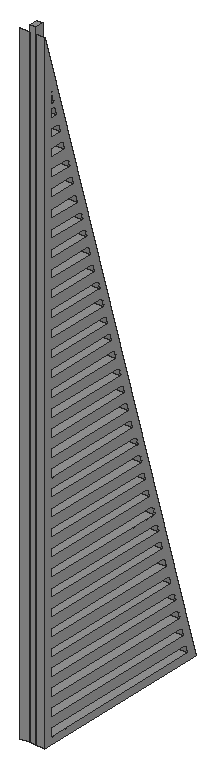
Revit family "MBS_shading panel3__up_90", category Generic Models, Revit 2014
Reference planes
  plane 1 "Center (Front/Back)": y = 0
  plane 2: z = 0
  plane 3 "Center (Left/Right)": x = 0
Dimensions and locks
  aligned and locked: level to plane 2
Nested families
  nested 1: "MBS_rounding mullion shading system1" at (100, -100, 0), type "MBS_rounding mullion shading system1"
    with rounding mullion height 2700 mm
  nested 2: "MBS_shading panel3" at (155, -143.704, 2675) x (0, -1, 0) z (-1, 0, 0), type "MBS_shading panel3"
    with shad panel thickness 40 mm, shad panel 1 void height 2700 mm
  nested 3: "MBS_shading panel3" at (180, -143.704, 2675) x (0, -1, 0) z (1, 0, 0), type "MBS_shading panel3"
    with shad panel thickness 40 mm, shad panel 1 void height 2700 mm
Definition of nested family "MBS_rounding mullion shading system1"
  Parameters (values of type "MBS_rounding mullion shading system1")
    rounding mullion mater = Steel, Galvanized rounding mull
    rounding mullion height [instance] = 2700 mm
    Default Elevation = 1219.2 mm
  Reference planes
    plane 1 "Center (Front/Back)": y = 0
    plane 2: z = 0
    plane 3 "Center (Left/Right)": x = 0
  Forms (mm)
    Extrusion 1, solid
      sketch origin (0, 0, 0) x (1, 0, 0) y (0, 1, 0)
        loop
          line (-1219.2, 1219.2) -> (-1219.2, -1219.2) -> (1219.2, -1219.2) -> (1219.2, 1219.2) -> (-1219.2, 1219.2)
      from 0 to -304.8
    Extrusion 2, solid, material "Steel, Galvanized rounding mull" <- "rounding mullion mater"
      sketch origin (0, 0, 0) x (1, 0, 0) y (0, 1, 0)
        loop
          line (55, 0) -> (55, -40) -> (80, -40) -> (80, 0) -> (55, 0)
      from 0 to 2700 <- "rounding mullion height"
  Dimensions and locks
    aligned and locked: plane 2 to Extrusion 1
    aligned and locked: level to Extrusion 1
Definition of nested family "MBS_shading panel3"
  Parameters (values of type "MBS_shading panel3")
    shading panel mater = Teak shading panel3
    shad panel thickness [instance] = 40 mm
    shad panel 1 void height [instance] = 2700 mm
    panel hole = 35 mm
    Default Elevation = 1219.2 mm
  Reference planes
    plane 1 "Center (Front/Back)": y = 0
    plane 2: z = 0
    plane 3 "Center (Left/Right)": x = 0
    plane 4: y = -281.851
    plane 5: y = -316.851
    plane 6: y = -356.851
    plane 7: y = -391.851
    plane 8: through (-33.704, -206.851, 1219.2) normal (0.9588, -0.2841, 0)
    plane 9: y = -431.851
    plane 10: y = -466.851
    plane 11: y = -506.851
    plane 12: y = -541.851
    plane 13: y = -581.851
    plane 14: y = -616.851
    plane 15: y = -661.851
    plane 16: y = -696.851
    plane 17: y = -736.851
    plane 18: y = -771.851
    plane 19: y = -811.851
    plane 20: y = -846.851
    plane 21: y = -886.851
    plane 22: y = -921.851
    plane 23: y = -961.851
    plane 24: y = -996.851
    plane 25: y = -1036.851
    plane 26: y = -1071.851
    plane 27: y = -1111.851
    plane 28: y = -1146.851
    plane 29: y = -1186.851
    plane 30: y = -1221.851
    plane 31: y = -1261.851
    plane 32: y = -1296.851
    plane 33: y = -1336.851
    plane 34: y = -1371.851
    plane 35: y = -1411.851
    plane 36: y = -1446.851
    plane 37: y = -1486.851
    plane 38: y = -1521.851
    plane 39: y = -1561.851
    plane 40: y = -1596.851
    plane 41: y = -1636.851
    plane 42: y = -1671.851
    plane 43: y = -1711.851
    plane 44: y = -1746.851
    plane 45: y = -1786.851
    plane 46: y = -1821.851
    plane 47: y = -1861.851
    plane 48: y = -1896.851
    plane 49: y = -1936.851
    plane 50: y = -1971.851
    plane 51: y = -2011.851
    plane 52: y = -2046.851
    plane 53: y = -2086.851
    plane 54: y = -2121.851
    plane 55: y = -2161.851
    plane 56: y = -2196.851
    plane 57: y = -2236.851
    plane 58: y = -2271.851
    plane 59: y = -2311.851
    plane 60: y = -2346.851
    plane 61: y = -2386.851
    plane 62: y = -2421.851
    plane 63: y = -2496.851
    plane 64: y = -2461.851
    plane 65: y = -2536.851
    plane 66: y = -2571.851
    plane 67: y = -2611.851
    plane 68: y = -2646.851
  Forms (mm)
    Extrusion 1, solid
      sketch origin (0, 0, 0) x (1, 0, 0) y (0, 1, 0)
        loop
          line (-1219.2, 1219.2) -> (-1219.2, -1219.2) -> (1219.2, -1219.2) -> (1219.2, 1219.2) -> (-1219.2, 1219.2)
      from 0 to -304.8
    Extrusion 2, solid, material "Teak shading panel3" <- "shading panel mater"
      sketch origin (224.13, -1442.49, 0) x (1, 0, 0) y (0, 1, 0)
        loop
          line (-227.833, 1442.49) -> (-1020.426, -1232.51) -> (-227.833, -1232.51) -> (-227.833, 1442.49)
        loop
          line (-257.833, 1235.639) -> (-275.611, 1175.639) -> (-257.833, 1175.639) -> (-257.833, 1235.639)
        loop
          line (-257.833, 1160.639) -> (-280.056, 1160.639) -> (-290.426, 1125.639) -> (-257.833, 1125.639) -> (-257.833, 1160.639)
        loop
          line (-257.833, 1085.639) -> (-302.278, 1085.639) -> (-312.648, 1050.639) -> (-257.833, 1050.639) -> (-257.833, 1085.639)
        loop
          line (-257.833, 1010.639) -> (-324.5, 1010.639) -> (-334.87, 975.639) -> (-257.833, 975.639) -> (-257.833, 1010.639)
        loop
          line (-257.833, 860.639) -> (-368.944, 860.639) -> (-379.315, 825.639) -> (-257.833, 825.639) -> (-257.833, 860.639)
        loop
          line (-257.833, 935.639) -> (-346.722, 935.639) -> (-357.093, 900.639) -> (-257.833, 900.639) -> (-257.833, 935.639)
        loop
          line (-257.833, 780.639) -> (-392.648, 780.639) -> (-403.019, 745.639) -> (-257.833, 745.639) -> (-257.833, 780.639)
        loop
          line (-257.833, 705.639) -> (-414.87, 705.639) -> (-425.241, 670.639) -> (-257.833, 670.639) -> (-257.833, 705.639)
        loop
          line (-257.833, 630.639) -> (-437.093, 630.639) -> (-447.463, 595.639) -> (-257.833, 595.639) -> (-257.833, 630.639)
        loop
          line (-257.833, 555.639) -> (-459.315, 555.639) -> (-469.685, 520.639) -> (-257.833, 520.639) -> (-257.833, 555.639)
        loop
          line (-257.833, 480.639) -> (-481.537, 480.639) -> (-491.907, 445.639) -> (-257.833, 445.639) -> (-257.833, 480.639)
        loop
          line (-257.833, 405.639) -> (-503.759, 405.639) -> (-514.13, 370.639) -> (-257.833, 370.639) -> (-257.833, 405.639)
        loop
          line (-257.833, 330.639) -> (-525.982, 330.639) -> (-536.352, 295.639) -> (-257.833, 295.639) -> (-257.833, 330.639)
        loop
          line (-257.833, 255.639) -> (-548.204, 255.639) -> (-558.574, 220.639) -> (-257.833, 220.639) -> (-257.833, 255.639)
        loop
          line (-257.833, 180.639) -> (-570.426, 180.639) -> (-580.796, 145.639) -> (-257.833, 145.639) -> (-257.833, 180.639)
        loop
          line (-257.833, 105.639) -> (-592.648, 105.639) -> (-603.019, 70.639) -> (-257.833, 70.639) -> (-257.833, 105.639)
        loop
          line (-257.833, 30.639) -> (-614.87, 30.639) -> (-625.241, -4.361) -> (-257.833, -4.361) -> (-257.833, 30.639)
        loop
          line (-257.833, -44.361) -> (-637.093, -44.361) -> (-647.463, -79.361) -> (-257.833, -79.361) -> (-257.833, -44.361)
        loop
          line (-257.833, -119.361) -> (-659.315, -119.361) -> (-669.685, -154.361) -> (-257.833, -154.361) -> (-257.833, -119.361)
        loop
          line (-257.833, -194.361) -> (-681.537, -194.361) -> (-691.907, -229.361) -> (-257.833, -229.361) -> (-257.833, -194.361)
        loop
          line (-257.833, -269.361) -> (-703.759, -269.361) -> (-714.13, -304.361) -> (-257.833, -304.361) -> (-257.833, -269.361)
        loop
          line (-257.833, -344.361) -> (-725.982, -344.361) -> (-736.352, -379.361) -> (-257.833, -379.361) -> (-257.833, -344.361)
        loop
          line (-257.833, -419.361) -> (-748.204, -419.361) -> (-758.574, -454.361) -> (-257.833, -454.361) -> (-257.833, -419.361)
        loop
          line (-257.833, -494.361) -> (-770.426, -494.361) -> (-780.796, -529.361) -> (-257.833, -529.361) -> (-257.833, -494.361)
        loop
          line (-257.833, -569.361) -> (-792.648, -569.361) -> (-803.019, -604.361) -> (-257.833, -604.361) -> (-257.833, -569.361)
        loop
          line (-257.833, -644.361) -> (-814.87, -644.361) -> (-825.241, -679.361) -> (-257.833, -679.361) -> (-257.833, -644.361)
        loop
          line (-257.833, -719.361) -> (-837.093, -719.361) -> (-847.463, -754.361) -> (-257.833, -754.361) -> (-257.833, -719.361)
        loop
          line (-257.833, -794.361) -> (-859.315, -794.361) -> (-869.685, -829.361) -> (-257.833, -829.361) -> (-257.833, -794.361)
        loop
          line (-257.833, -869.361) -> (-881.537, -869.361) -> (-891.907, -904.361) -> (-257.833, -904.361) -> (-257.833, -869.361)
        loop
          line (-257.833, -944.361) -> (-903.759, -944.361) -> (-914.13, -979.361) -> (-257.833, -979.361) -> (-257.833, -944.361)
        loop
          line (-257.833, -1019.361) -> (-925.982, -1019.361) -> (-936.352, -1054.361) -> (-257.833, -1054.361) -> (-257.833, -1019.361)
        loop
          line (-257.833, -1094.361) -> (-948.204, -1094.361) -> (-958.574, -1129.361) -> (-257.833, -1129.361) -> (-257.833, -1094.361)
        loop
          line (-257.833, -1169.361) -> (-970.426, -1169.361) -> (-980.796, -1204.361) -> (-257.833, -1204.361) -> (-257.833, -1169.361)
      from 0 to 40 <- "shad panel thickness"
  Dimensions and locks
    "panel hole": plane 4 to plane 5
    "panel hole": plane 6 to plane 7
    "panel hole": plane 9 to plane 10
    "panel hole": plane 11 to plane 12
    "panel hole": plane 13 to plane 14
    "panel hole": plane 15 to plane 16
    "panel hole": plane 17 to plane 18
    "panel hole": plane 19 to plane 20
    "panel hole": plane 21 to plane 22
    "panel hole": plane 23 to plane 24
    "panel hole": plane 25 to plane 26
    "panel hole": plane 27 to plane 28
    "panel hole": plane 29 to plane 30
    "panel hole": plane 31 to plane 32
    "panel hole": plane 33 to plane 34
    "panel hole": plane 35 to plane 36
    "panel hole": plane 37 to plane 38
    "panel hole": plane 39 to plane 40
    "panel hole": plane 41 to plane 42
    "panel hole": plane 43 to plane 44
    "panel hole": plane 45 to plane 46
    "panel hole": plane 47 to plane 48
    "panel hole": plane 49 to plane 50
    "panel hole": plane 51 to plane 52
    "panel hole": plane 53 to plane 54
    "panel hole": plane 55 to plane 56
    "panel hole": plane 57 to plane 58
    "panel hole": plane 59 to plane 60
    "panel hole": plane 61 to plane 62
    "panel hole": plane 64 to plane 63
    "panel hole": plane 65 to plane 66
    "panel hole": plane 67 to plane 68
    aligned and locked: plane 2 to Extrusion 1
    aligned and locked: level to Extrusion 1
    aligned and locked: plane 4 to Extrusion 2 sketch curve
    aligned and locked: plane 5 to Extrusion 2 sketch curve
    aligned and locked: plane 6 to Extrusion 2 sketch curve
    aligned and locked: plane 7 to Extrusion 2 sketch curve
    aligned and locked: plane 8 to Extrusion 2 sketch curve  (x33)
    aligned and locked: plane 9 to Extrusion 2 sketch curve
    aligned and locked: plane 10 to Extrusion 2 sketch curve
    aligned and locked: plane 11 to Extrusion 2 sketch curve
    aligned and locked: plane 12 to Extrusion 2 sketch curve
    aligned and locked: plane 13 to Extrusion 2 sketch curve
    aligned and locked: plane 14 to Extrusion 2 sketch curve
    aligned and locked: plane 15 to Extrusion 2 sketch curve
    aligned and locked: plane 16 to Extrusion 2 sketch curve
    aligned and locked: plane 17 to Extrusion 2 sketch curve
    aligned and locked: plane 18 to Extrusion 2 sketch curve
    aligned and locked: plane 19 to Extrusion 2 sketch curve
    aligned and locked: plane 20 to Extrusion 2 sketch curve
    aligned and locked: plane 21 to Extrusion 2 sketch curve
    aligned and locked: plane 22 to Extrusion 2 sketch curve
    aligned and locked: plane 23 to Extrusion 2 sketch curve
    aligned and locked: plane 24 to Extrusion 2 sketch curve
    aligned and locked: plane 25 to Extrusion 2 sketch curve
    aligned and locked: plane 26 to Extrusion 2 sketch curve
    aligned and locked: plane 27 to Extrusion 2 sketch curve
    aligned and locked: plane 28 to Extrusion 2 sketch curve
    aligned and locked: plane 29 to Extrusion 2 sketch curve
    aligned and locked: plane 30 to Extrusion 2 sketch curve
    aligned and locked: plane 31 to Extrusion 2 sketch curve
    aligned and locked: plane 32 to Extrusion 2 sketch curve
    aligned and locked: plane 33 to Extrusion 2 sketch curve
    aligned and locked: plane 34 to Extrusion 2 sketch curve
    aligned and locked: plane 35 to Extrusion 2 sketch curve
    aligned and locked: plane 36 to Extrusion 2 sketch curve
    aligned and locked: plane 37 to Extrusion 2 sketch curve
    aligned and locked: plane 38 to Extrusion 2 sketch curve
    aligned and locked: plane 39 to Extrusion 2 sketch curve
    aligned and locked: plane 40 to Extrusion 2 sketch curve
    aligned and locked: plane 41 to Extrusion 2 sketch curve
    aligned and locked: plane 42 to Extrusion 2 sketch curve
    aligned and locked: plane 43 to Extrusion 2 sketch curve
    aligned and locked: plane 44 to Extrusion 2 sketch curve
    aligned and locked: plane 45 to Extrusion 2 sketch curve
    aligned and locked: plane 46 to Extrusion 2 sketch curve
    aligned and locked: plane 47 to Extrusion 2 sketch curve
    aligned and locked: plane 48 to Extrusion 2 sketch curve
    aligned and locked: plane 49 to Extrusion 2 sketch curve
    aligned and locked: plane 50 to Extrusion 2 sketch curve
    aligned and locked: plane 51 to Extrusion 2 sketch curve
    aligned and locked: plane 52 to Extrusion 2 sketch curve
    aligned and locked: plane 53 to Extrusion 2 sketch curve
    aligned and locked: plane 54 to Extrusion 2 sketch curve
    aligned and locked: plane 55 to Extrusion 2 sketch curve
    aligned and locked: plane 56 to Extrusion 2 sketch curve
    aligned and locked: plane 57 to Extrusion 2 sketch curve
    aligned and locked: plane 58 to Extrusion 2 sketch curve
    aligned and locked: plane 59 to Extrusion 2 sketch curve
    aligned and locked: plane 60 to Extrusion 2 sketch curve
    aligned and locked: plane 61 to Extrusion 2 sketch curve
    aligned and locked: plane 62 to Extrusion 2 sketch curve
    aligned and locked: plane 63 to Extrusion 2 sketch curve
    aligned and locked: plane 64 to Extrusion 2 sketch curve
    aligned and locked: plane 65 to Extrusion 2 sketch curve
    aligned and locked: plane 66 to Extrusion 2 sketch curve
    aligned and locked: plane 67 to Extrusion 2 sketch curve
    aligned and locked: plane 68 to Extrusion 2 sketch curve
  Automatic sketch dimensions
    Extrusion 1 sketch curve to Extrusion 1 sketch curve = 2438.4 mm  (x2)
    plane 1 "Center (Front/Back)" to Extrusion 2 sketch curve = 0 mm
    Extrusion 2 sketch curve to plane 68 = 28.149 mm
    Extrusion 2 sketch curve to Extrusion 2 sketch curve = 39.63 mm
    plane 4 to Extrusion 2 sketch curve = 15 mm
    Extrusion 2 sketch curve to plane 3 "Center (Left/Right)" = 33.704 mm  (x32)
    Extrusion 2 sketch curve to Extrusion 2 sketch curve = 0 mm
    Extrusion 2 sketch curve to plane 3 "Center (Left/Right)" = 3.704 mm
